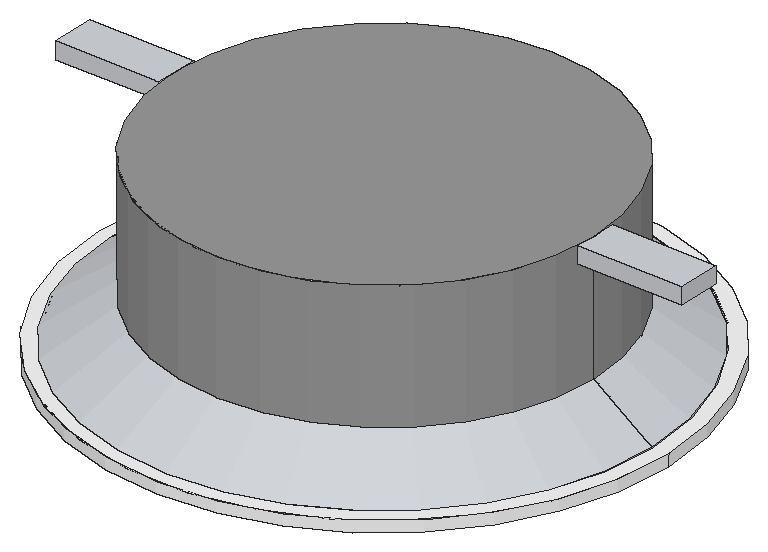
Revit family "FALCO-DOWN_LIGHT_LED_IP65_23W_O190+connect_19_4000K", category Lighting Fixtures, host Ceiling, Revit 2021
Family settings
  Host = Ceiling
  Round Connector Dimension = Use Diameter
  Part Type = Normal
  OmniClass Number = 23.80.70.11
  OmniClass Title = Luminaries for Internal Lighting
  Always vertical = Yes
  Cut with Voids When Loaded = No
  Light Source = Yes
  Shared = No
  Room Calculation Point = No
Parameters (values of type "Type 1")
  Wattage = 18.0084 W
  built-in parameter 1150110 = 1 (stored number, unit not read)
  URL = "https://www.lucera.fr/"
  built-in parameter 1114217 = 1 (stored number, unit not read)
  Tilt Angle = 90.00°
  built-in parameter 1150109 = 1 (stored number, unit not read)
  built-in parameter 1150134 = 12
  built-in parameter 1150113 = 1 (stored number, unit not read)
  SDCM = "3"
  Puissance nominale = "23W"
  Photometric Web File = "google_eulumdat_converter.ies"
  Matériau = "Aluminium diffuseur PMMA"
  Manufacturer = "Lucera - Lucera (c) 06/01/2021 16:39:13 +01:00"  # constant formula
  Maintien du flux = "L80B10 (50 000 heures)"
  Lumens = 2675 lm
  built-in parameter 1150115 = 1 (stored number, unit not read)
  built-in parameter 1150105 = 212.87 (stored number, unit not read)
  built-in parameter 1150137 = (empty or 0)
  built-in parameter 1150139 = (empty or 0)
  built-in parameter 1150112 = 1 (stored number, unit not read)
  built-in parameter 1150114 = 1 (stored number, unit not read)
  Lamp = "LED XC-COB Bridgelux 2630"
  built-in parameter 1150132 = 2
  built-in parameter 1150102 = (empty or 0)
  built-in parameter 1150138 = (empty or 0)
  built-in parameter 1150107 = 4000 (stored number, unit not read)
  built-in parameter 1150106 = 2.1287 (stored number, unit not read)
  IRC = ">90"
  built-in parameter 1150104 = 13.8 (stored number, unit not read)
  Durée de vie = "50 000 heures"
  Driver = "Driver Lifud TUV CE CCC"
  Dimming Lamp Color Temperature Shift = <None>
  Dimensions = "Ø 190 mm, H = 60 mm"
  Dimension découpe = "Ø 170-175 mm"
  Default Elevation = 0 mm
  Couleur = "Blanc"
  Color Filter = 16777215
  built-in parameter 1114218 = 1 (stored number, unit not read)
  built-in parameter 1150133 = 10 (stored number, unit not read)
  Angle d'éclairage = "60°"
  Alimentation luminaire = "33-40V dc / 600mA"
  Alimentation Driver = "AC 220-240V"
Reference planes
  plane 1 "Light Source Axis (F/B)": y = 0
  plane 2: z = 0
  plane 3 "Light Source Axis (L/R)": x = 0
  plane 4 "Ceiling": z = 4000
  plane 5 "Light Source Elevation": z = 3985.451
Forms (mm)
  Extrusion 1, solid, material "Aluminum, Blanc"
    sketch origin (0, 0, 4000) x (0, 1, 0) y (-1, 0, 0)
      loop
        circle (0, 0) r 95
      loop
        circle (0, 0) r 90
    from -6.482 to -2.673
  Blend 2, solid
    base sketch origin (0, 0, 4000) x (0, 1, 0) y (-1, 0, 0)
      loop
        circle (0, 0.693) r 89.997
    top sketch origin (0, 0, 4000) x (0, 1, 0) y (-1, 0, 0)
      loop
        circle (0, 0.693) r 26.193
    from -2.673 to 42.175
  Extrusion 3, solid, material "Aluminum, Noir"
    sketch origin (0, 0, 4000) x (0, 1, 0) y (-1, 0, 0)
      loop
        circle (0, 0) r 70
    from 7.616 to 53.518
  Extrusion 4, solid, material "diffuseur PMMA"
    sketch origin (0, 0, 4000) x (0, 1, 0) y (-1, 0, 0)
      loop
        circle (0, 0) r 89.758
    from -6.482 to -4.919
  Extrusion 5, solid
    sketch origin (0, 0, 4000) x (0, 1, 0) y (-1, 0, 0)
      loop
        line (7.831, -70) -> (-6.624, -70) -> (-6.624, -104.497) -> (7.831, -104.497) -> (7.831, -70)
    from 48.087 to 53.518
  Extrusion 6, solid
    sketch origin (0, 0, 4000) x (0, -1, 0) y (1, 0, 0)
      loop
        line (-7.831, -70) -> (-7.831, -104.497) -> (6.624, -104.497) -> (6.624, -70) -> (-7.831, -70)
    from 48.087 to 53.518
Lines and regions (mm)
  reference lines
    curve 1: line (0, 0, 4000) -> (13, 0, 4000)
    curve 2: line (0, 0, 3993.518) -> (0, 0, 4053.518)
    curve 3: line (0, 0, 4000) -> (20.5, 0, 4000)
    curve 4: line (0, 0, 4000) -> (25.5, 0, 4000)
    curve 5: line (0, 0, 4000) -> (0, -95, 4000)
Dimensions and locks
  equal spacing: host sketch curve, plane 3 "Light Source Axis (L/R)", host sketch curve
  equal spacing: host sketch curve, plane 1 "Light Source Axis (F/B)", host sketch curve
  host sketch curve to host sketch curve = 4000 mm  (x2)
  plane 4 "Ceiling" to host ceiling = 0 mm
  aligned and locked: plane 1 "Light Source Axis (F/B)" to imposter light
  aligned and locked: plane 5 "Light Source Elevation" to imposter light
